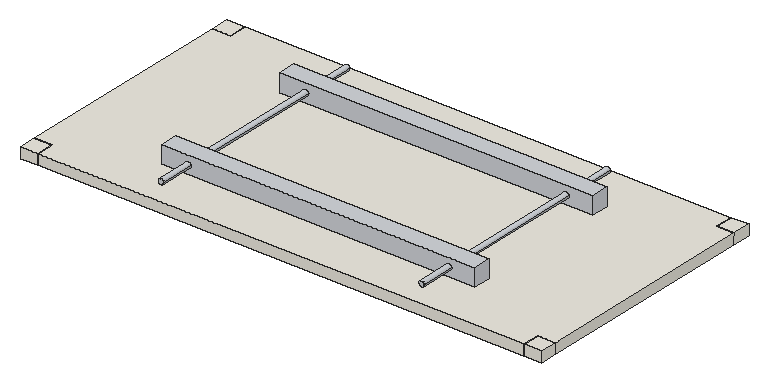
Revit family "LED-PL-CSVT", category Осветительные приборы, Revit 2019 (continued)
Types (9, lengths in mm): name | built-in parameter 1150134 | Файл фотометрической сетки | built-in parameter 1150105 | Lumens | built-in parameter 1150106 | built-in parameter 1150142 | Wattage | built-in parameter 1150107 | Emit from Rectangle Width | Emit from Rectangle Length | Длина | Ширина | L1 | L | ADSK_Ток | ADSK_Полная мощность | ADSK_Обозначение | ADSK_Номинальная мощность | ADSK_Наименование | ADSK_Масса | ADSK_Код изделия
  LED PL-CSVT-36 588х588 х10 (KROKUS) (IP54/IP20, 5000К, белый, грильято) | 2 | "Светильник LED-PL-CSVT-36-(595х595).IES" | 302.39 (stored number, unit not read) | 3800 lm | 3.0239 (stored number, unit not read) | "IESNA:LM-63-95\r\n[TEST] Протокол № 50-12 \r\n[DATA] 20.06.2016\r\n[MORE] \r\n[MANUFAC] ЗАО \"Центрстройсвет\"\r\n[LUMCAT]  Светильник ALUMOGIPS-38/OPAL-SAND-(610x610)\r\n[LUMINAIRE]\r\n[LAMPCAT] Светодиоды\r\n[LAMP] Поток источника света (светодиодов) не известен\r\n[MORE] КСС приведена в абсолютных величинах кд\r\n[MORE] Вместо потока лампы, указан поток светильника.\r\nTILT=NONE\r\n1    3750 1.0 37 73 1 2 0.61 0.61 0.04\r\n1.0 1.0 38.7\r\n0.0 5.0 10.0 15.0 20.0 25.0 30.0 35.0 40.0 45.0 50.0 55.0 60.0 65.0 70.0 75.0 80.0 85.0 90.0 95.0 100.0 105.0 110.0 115.0 120.0 125.0 130.0 135.0 140.0 145.0 150.0 155.0 160.0 165.0 170.0 175.0 180.0\r\n0.0 5.0 10.0 15.0 20.0 25.0 30.0 35.0 40.0 45.0 50.0 55.0 60.0 65.0 70.0 75.0 80.0 85.0 90.0 95.0 100.0 105.0 110.0 115.0 120.0 125.0 130.0 135.0 140.0 145.0 150.0 155.0 160.0 165.0 170.0 175.0 180.0 185.0 190.0 195.0 200.0 205.0 210.0 215.0 220.0 225.0 230.0 235.0 240.0 245.0 250.0 255.0 260.0 265.0 270.0 275.0 280.0 285.0 290.0 295.0 300.0 305.0 310.0 315.0 320.0 325.0 330.0 335.0 340.0 345.0 350.0 355.0 360.0\r\n1391.4 1390.6 1365.7 1330.6 1277.5 1214.9 1147.5 1059.6 967.6 873.2 772.4 664.9 556.3 449.1 342.7 240.6 147.1 64.2 4.7 0.0 0.0 0.0 0.0 0.0 0.0 0.0 0.0 0.0 0.0 0.0 0.0 0.0 0.0 0.0 0.0 0.0 0.0\r\n1391.4 1390.5 1367.8 1332.7 1284.3 1221.3 1147.0 1062.1 969.2 872.4 773.2 666.3 557.1 450.1 343.8 241.9 146.9 64.7 5.2 0.0 0.0 0.0 0.0 0.0 0.0 0.0 0.0 0.0 0.0 0.0 0.0 0.0 0.0 0.0 0.0 0.0 0.0\r\n1391.4 1390.2 1372.0 1333.3 1277.3 1216.8 1144.5 1057.4 969.6 875.1 773.8 669.5 560.0 454.6 345.8 242.4 148.5 65.8 5.4 0.0 0.0 0.0 0.0 0.0 0.0 0.0 0.0 0.0 0.0 0.0 0.0 0.0 0.0 0.0 0.0 0.0 0.0\r\n1391.4 1389.8 1371.2 1330.7 1279.5 1220.5 1148.3 1059.9 967.7 873.2 767.5 666.8 561.4 453.0 347.1 243.7 149.9 65.6 5.8 0.0 0.0 0.0 0.0 0.0 0.0 0.0 0.0 0.0 0.0 0.0 0.0 0.0 0.0 0.0 0.0 0.0 0.0\r\n1391.4 1389.8 1368.3 1329.3 1285.0 1214.6 1141.1 1058.7 971.8 871.3 775.2 666.9 559.4 452.6 345.8 242.5 150.0 65.8 6.1 0.0 0.0 0.0 0.0 0.0 0.0 0.0 0.0 0.0 0.0 0.0 0.0 0.0 0.0 0.0 0.0 0.0 0.0\r\n1391.4 1390.5 1367.3 1332.3 1281.7 1219.0 1142.8 1064.6 970.5 874.4 772.1 667.5 560.2 453.0 346.2 241.8 149.4 65.7 5.6 0.0 0.0 0.0 0.0 0.0 0.0 0.0 0.0 0.0 0.0 0.0 0.0 0.0 0.0 0.0 0.0 0.0 0.0\r\n1391.4 1391.4 1368.1 1333.5 1277.3 1215.7 1139.0 1059.6 968.1 872.4 771.6 667.4 558.8 453.3 344.3 243.9 148.4 65.7 5.4 0.0 0.0 0.0 0.0 0.0 0.0 0.0 0.0 0.0 0.0 0.0 0.0 0.0 0.0 0.0 0.0 0.0 0.0\r\n1391.4 1391.7 1368.1 1330.4 1278.2 1213.9 1142.4 1061.6 967.4 875.1 772.0 669.3 561.1 452.5 345.2 242.1 148.3 65.4 5.5 0.0 0.0 0.0 0.0 0.0 0.0 0.0 0.0 0.0 0.0 0.0 0.0 0.0 0.0 0.0 0.0 0.0 0.0\r\n1391.4 1391.5 1371.0 1328.4 1278.5 1216.7 1142.1 1061.2 971.8 874.7 772.1 668.9 560.8 452.9 345.4 243.3 147.7 66.0 5.4 0.0 0.0 0.0 0.0 0.0 0.0 0.0 0.0 0.0 0.0 0.0 0.0 0.0 0.0 0.0 0.0 0.0 0.0\r\n1391.4 1391.5 1373.2 1330.5 1277.3 1215.5 1143.2 1063.6 967.0 872.7 772.2 669.4 558.9 453.2 346.6 241.9 148.1 65.2 5.5 0.0 0.0 0.0 0.0 0.0 0.0 0.0 0.0 0.0 0.0 0.0 0.0 0.0 0.0 0.0 0.0 0.0 0.0\r\n1391.4 1391.4 1369.7 1328.3 1281.3 1216.0 1139.8 1057.9 968.7 875.3 773.9 667.6 561.8 454.0 344.0 243.1 147.2 65.6 5.5 0.0 0.0 0.0 0.0 0.0 0.0 0.0 0.0 0.0 0.0 0.0 0.0 0.0 0.0 0.0 0.0 0.0 0.0\r\n1391.4 1390.5 1367.9 1330.1 1278.1 1218.1 1138.9 1061.0 970.0 871.8 770.4 669.3 560.2 453.4 346.9 242.1 148.3 65.2 5.2 0.0 0.0 0.0 0.0 0.0 0.0 0.0 0.0 0.0 0.0 0.0 0.0 0.0 0.0 0.0 0.0 0.0 0.0\r\n1391.4 1389.3 1368.2 1329.1 1280.8 1214.4 1142.5 1059.2 967.2 874.3 772.4 668.0 563.1 452.3 345.7 242.8 146.8 64.9 5.1 0.0 0.0 0.0 0.0 0.0 0.0 0.0 0.0 0.0 0.0 0.0 0.0 0.0 0.0 0.0 0.0 0.0 0.0\r\n1391.4 1388.6 1367.4 1327.8 1278.0 1215.7 1141.0 1061.0 971.5 877.3 771.2 667.3 561.5 453.0 346.4 242.4 146.3 64.8 5.2 0.0 0.0 0.0 0.0 0.0 0.0 0.0 0.0 0.0 0.0 0.0 0.0 0.0 0.0 0.0 0.0 0.0 0.0\r\n1391.4 1388.0 1367.6 1326.7 1278.3 1218.0 1140.9 1061.5 968.4 873.4 770.1 666.6 562.1 454.6 344.8 241.8 146.4 64.0 5.5 0.0 0.0 0.0 0.0 0.0 0.0 0.0 0.0 0.0 0.0 0.0 0.0 0.0 0.0 0.0 0.0 0.0 0.0\r\n1391.4 1387.2 1366.1 1331.0 1281.4 1216.3 1142.7 1059.1 969.4 871.5 772.2 667.3 560.5 453.0 344.4 242.2 146.4 63.8 5.6 0.0 0.0 0.0 0.0 0.0 0.0 0.0 0.0 0.0 0.0 0.0 0.0 0.0 0.0 0.0 0.0 0.0 0.0\r\n1391.4 1387.1 1366.3 1328.7 1276.9 1214.5 1141.2 1059.3 968.4 874.3 775.5 668.3 562.5 454.9 346.4 241.3 146.2 63.5 5.7 0.0 0.0 0.0 0.0 0.0 0.0 0.0 0.0 0.0 0.0 0.0 0.0 0.0 0.0 0.0 0.0 0.0 0.0\r\n1391.4 1388.4 1366.0 1329.7 1279.2 1217.9 1140.0 1060.5 969.0 873.9 772.0 671.3 560.4 453.2 343.7 241.7 145.8 63.7 5.4 0.0 0.0 0.0 0.0 0.0 0.0 0.0 0.0 0.0 0.0 0.0 0.0 0.0 0.0 0.0 0.0 0.0 0.0\r\n1391.4 1389.6 1367.7 1329.3 1277.2 1211.1 1140.1 1061.0 971.0 871.2 769.2 669.1 561.5 453.1 343.3 241.9 145.8 63.4 5.2 0.0 0.0 0.0 0.0 0.0 0.0 0.0 0.0 0.0 0.0 0.0 0.0 0.0 0.0 0.0 0.0 0.0 0.0\r\n1391.4 1388.8 1366.9 1327.1 1279.4 1214.2 1142.5 1056.4 970.7 870.3 771.0 665.1 560.4 453.3 343.8 241.1 145.7 63.4 5.2 0.0 0.0 0.0 0.0 0.0 0.0 0.0 0.0 0.0 0.0 0.0 0.0 0.0 0.0 0.0 0.0 0.0 0.0\r\n1391.4 1387.2 1365.8 1328.9 1276.6 1210.2 1141.4 1059.3 966.6 871.4 770.5 667.4 559.2 451.4 344.2 241.0 145.6 63.2 5.1 0.0 0.0 0.0 0.0 0.0 0.0 0.0 0.0 0.0 0.0 0.0 0.0 0.0 0.0 0.0 0.0 0.0 0.0\r\n1391.4 1386.8 1364.4 1329.8 1279.4 1213.7 1144.0 1059.0 965.3 873.7 768.8 668.9 559.4 449.5 342.6 241.5 144.6 63.4 5.0 0.0 0.0 0.0 0.0 0.0 0.0 0.0 0.0 0.0 0.0 0.0 0.0 0.0 0.0 0.0 0.0 0.0 0.0\r\n1391.4 1388.1 1365.8 1328.1 1273.8 1213.4 1137.9 1059.2 967.3 869.2 769.3 667.7 558.4 451.4 344.0 240.6 145.7 63.4 4.9 0.0 0.0 0.0 0.0 0.0 0.0 0.0 0.0 0.0 0.0 0.0 0.0 0.0 0.0 0.0 0.0 0.0 0.0\r\n1391.4 1389.2 1364.4 1323.2 1276.3 1213.8 1137.6 1055.3 963.1 871.0 767.7 664.1 559.7 447.1 342.4 240.1 145.2 63.9 5.1 0.0 0.0 0.0 0.0 0.0 0.0 0.0 0.0 0.0 0.0 0.0 0.0 0.0 0.0 0.0 0.0 0.0 0.0\r\n1391.4 1388.4 1362.3 1326.8 1274.4 1212.2 1137.9 1054.7 966.7 867.9 768.7 663.4 557.3 449.2 343.3 240.0 145.7 63.6 5.0 0.0 0.0 0.0 0.0 0.0 0.0 0.0 0.0 0.0 0.0 0.0 0.0 0.0 0.0 0.0 0.0 0.0 0.0\r\n1391.4 1386.2 1361.8 1326.5 1273.3 1211.2 1134.5 1048.6 964.3 866.3 767.8 662.9 556.7 449.5 341.9 239.8 145.7 63.7 5.0 0.0 0.0 0.0 0.0 0.0 0.0 0.0 0.0 0.0 0.0 0.0 0.0 0.0 0.0 0.0 0.0 0.0 0.0\r\n1391.4 1384.4 1363.5 1324.4 1272.0 1209.5 1137.2 1053.0 960.2 867.5 767.9 662.7 556.7 449.2 342.5 239.1 146.2 63.8 4.8 0.0 0.0 0.0 0.0 0.0 0.0 0.0 0.0 0.0 0.0 0.0 0.0 0.0 0.0 0.0 0.0 0.0 0.0\r\n1391.4 1383.7 1362.4 1324.4 1274.0 1209.5 1134.4 1050.1 965.4 864.9 764.6 662.3 556.6 447.9 340.5 240.3 145.5 64.6 4.6 0.0 0.0 0.0 0.0 0.0 0.0 0.0 0.0 0.0 0.0 0.0 0.0 0.0 0.0 0.0 0.0 0.0 0.0\r\n1391.4 1384.4 1361.9 1326.9 1270.2 1207.3 1132.7 1050.1 959.7 867.7 763.1 662.2 555.0 447.3 343.0 238.3 145.8 63.9 4.7 0.0 0.0 0.0 0.0 0.0 0.0 0.0 0.0 0.0 0.0 0.0 0.0 0.0 0.0 0.0 0.0 0.0 0.0\r\n1391.4 1385.1 1363.0 1320.0 1270.4 1207.9 1134.4 1055.0 963.5 867.3 766.7 660.7 555.9 450.1 342.6 240.2 145.9 64.3 4.9 0.0 0.0 0.0 0.0 0.0 0.0 0.0 0.0 0.0 0.0 0.0 0.0 0.0 0.0 0.0 0.0 0.0 0.0\r\n1391.4 1384.9 1362.3 1321.4 1273.1 1208.0 1135.4 1052.3 961.9 865.0 764.0 660.8 553.5 447.6 341.2 240.3 146.1 63.8 4.8 0.0 0.0 0.0 0.0 0.0 0.0 0.0 0.0 0.0 0.0 0.0 0.0 0.0 0.0 0.0 0.0 0.0 0.0\r\n1391.4 1383.8 1361.2 1322.1 1265.1 1211.5 1132.8 1049.3 961.3 863.4 764.0 661.0 550.7 447.9 341.0 240.1 146.2 63.8 4.6 0.0 0.0 0.0 0.0 0.0 0.0 0.0 0.0 0.0 0.0 0.0 0.0 0.0 0.0 0.0 0.0 0.0 0.0\r\n1391.4 1382.8 1359.3 1321.5 1269.3 1206.8 1132.8 1051.1 958.3 863.2 763.1 662.7 553.4 448.0 340.4 240.0 145.8 63.8 4.0 0.0 0.0 0.0 0.0 0.0 0.0 0.0 0.0 0.0 0.0 0.0 0.0 0.0 0.0 0.0 0.0 0.0 0.0\r\n1391.4 1382.6 1359.0 1319.6 1268.1 1204.3 1129.8 1049.0 957.7 861.8 761.7 658.4 554.2 446.1 340.4 239.0 145.6 63.8 3.8 0.0 0.0 0.0 0.0 0.0 0.0 0.0 0.0 0.0 0.0 0.0 0.0 0.0 0.0 0.0 0.0 0.0 0.0\r\n1391.4 1382.8 1358.5 1315.8 1266.5 1202.1 1128.5 1049.2 957.6 860.0 762.1 658.2 549.9 443.8 339.6 238.4 145.7 63.6 3.7 0.0 0.0 0.0 0.0 0.0 0.0 0.0 0.0 0.0 0.0 0.0 0.0 0.0 0.0 0.0 0.0 0.0 0.0\r\n1391.4 1382.2 1360.5 1319.2 1265.9 1204.5 1129.9 1046.9 955.0 862.9 758.9 657.9 552.5 444.9 338.9 238.8 145.3 63.6 3.3 0.0 0.0 0.0 0.0 0.0 0.0 0.0 0.0 0.0 0.0 0.0 0.0 0.0 0.0 0.0 0.0 0.0 0.0\r\n1391.4 1381.1 1361.2 1321.0 1268.1 1203.8 1128.8 1047.4 955.6 863.7 761.1 656.4 551.5 445.2 339.2 238.5 144.7 62.5 3.5 0.0 0.0 0.0 0.0 0.0 0.0 0.0 0.0 0.0 0.0 0.0 0.0 0.0 0.0 0.0 0.0 0.0 0.0\r\n1391.4 1380.6 1359.0 1316.4 1268.5 1204.0 1126.1 1049.5 956.2 859.6 759.7 656.5 549.2 444.3 338.4 236.1 143.8 61.6 3.2 0.0 0.0 0.0 0.0 0.0 0.0 0.0 0.0 0.0 0.0 0.0 0.0 0.0 0.0 0.0 0.0 0.0 0.0\r\n1391.4 1380.7 1356.6 1316.0 1267.0 1205.6 1130.3 1044.8 956.9 856.7 759.3 653.5 548.1 441.9 335.3 235.4 141.4 60.3 2.9 0.0 0.0 0.0 0.0 0.0 0.0 0.0 0.0 0.0 0.0 0.0 0.0 0.0 0.0 0.0 0.0 0.0 0.0\r\n1391.4 1380.4 1354.4 1317.9 1268.8 1199.0 1129.0 1044.0 956.9 860.6 758.3 656.9 549.1 442.0 334.4 236.1 141.7 60.5 2.6 0.0 0.0 0.0 0.0 0.0 0.0 0.0 0.0 0.0 0.0 0.0 0.0 0.0 0.0 0.0 0.0 0.0 0.0\r\n1391.4 1380.1 1356.7 1322.1 1264.6 1201.7 1129.9 1047.4 957.2 859.7 758.2 656.1 549.4 442.8 335.3 235.8 141.3 60.6 2.3 0.0 0.0 0.0 0.0 0.0 0.0 0.0 0.0 0.0 0.0 0.0 0.0 0.0 0.0 0.0 0.0 0.0 0.0\r\n1391.4 1379.9 1357.3 1317.5 1265.9 1207.8 1129.2 1046.5 955.7 860.2 758.6 656.9 550.7 441.9 335.4 233.9 140.6 60.2 2.4 0.0 0.0 0.0 0.0 0.0 0.0 0.0 0.0 0.0 0.0 0.0 0.0 0.0 0.0 0.0 0.0 0.0 0.0\r\n1391.4 1379.2 1355.5 1314.6 1269.3 1203.7 1133.5 1044.8 957.2 857.9 762.0 656.6 548.7 440.4 335.9 234.5 140.4 59.8 2.8 0.0 0.0 0.0 0.0 0.0 0.0 0.0 0.0 0.0 0.0 0.0 0.0 0.0 0.0 0.0 0.0 0.0 0.0\r\n1391.4 1377.9 1357.1 1319.2 1271.9 1204.4 1128.6 1050.2 953.1 856.9 757.6 653.7 548.9 439.9 335.4 232.4 140.5 59.2 3.0 0.0 0.0 0.0 0.0 0.0 0.0 0.0 0.0 0.0 0.0 0.0 0.0 0.0 0.0 0.0 0.0 0.0 0.0\r\n1391.4 1377.2 1356.3 1322.9 1266.0 1204.8 1132.2 1049.0 958.1 859.3 759.0 654.6 547.0 441.6 334.9 232.1 139.3 58.8 2.9 0.0 0.0 0.0 0.0 0.0 0.0 0.0 0.0 0.0 0.0 0.0 0.0 0.0 0.0 0.0 0.0 0.0 0.0\r\n1391.4 1377.8 1353.8 1319.7 1269.6 1207.9 1135.8 1049.5 955.8 858.0 762.4 655.9 548.2 441.6 335.6 231.7 139.4 58.8 2.8 0.0 0.0 0.0 0.0 0.0 0.0 0.0 0.0 0.0 0.0 0.0 0.0 0.0 0.0 0.0 0.0 0.0 0.0\r\n1391.4 1378.5 1355.2 1319.8 1267.3 1206.5 1131.2 1046.1 954.6 861.2 756.6 653.8 548.1 440.3 335.0 232.6 138.6 59.0 2.9 0.0 0.0 0.0 0.0 0.0 0.0 0.0 0.0 0.0 0.0 0.0 0.0 0.0 0.0 0.0 0.0 0.0 0.0\r\n1391.4 1378.6 1355.1 1318.3 1269.7 1200.8 1133.1 1049.0 957.6 862.5 762.4 656.9 549.3 443.5 334.7 231.2 138.8 58.1 3.0 0.0 0.0 0.0 0.0 0.0 0.0 0.0 0.0 0.0 0.0 0.0 0.0 0.0 0.0 0.0 0.0 0.0 0.0\r\n1391.4 1378.8 1355.8 1321.7 1268.8 1210.0 1129.0 1048.5 958.8 862.4 762.2 656.4 549.0 441.1 335.4 231.5 138.5 58.1 3.0 0.0 0.0 0.0 0.0 0.0 0.0 0.0 0.0 0.0 0.0 0.0 0.0 0.0 0.0 0.0 0.0 0.0 0.0\r\n1391.4 1379.6 1357.6 1321.7 1269.0 1207.1 1133.9 1047.0 964.1 863.3 761.9 656.4 551.5 440.7 334.9 232.2 137.6 58.1 2.8 0.0 0.0 0.0 0.0 0.0 0.0 0.0 0.0 0.0 0.0 0.0 0.0 0.0 0.0 0.0 0.0 0.0 0.0\r\n1391.4 1380.6 1357.7 1319.2 1272.0 1207.5 1131.3 1054.6 959.0 863.3 764.8 655.9 549.1 443.0 335.1 231.3 138.0 58.1 2.7 0.0 0.0 0.0 0.0 0.0 0.0 0.0 0.0 0.0 0.0 0.0 0.0 0.0 0.0 0.0 0.0 0.0 0.0\r\n1391.4 1381.5 1358.5 1321.9 1271.0 1204.1 1135.9 1055.8 962.5 865.5 761.1 656.9 550.6 442.0 335.3 231.9 137.4 57.9 2.6 0.0 0.0 0.0 0.0 0.0 0.0 0.0 0.0 0.0 0.0 0.0 0.0 0.0 0.0 0.0 0.0 0.0 0.0\r\n1391.4 1381.3 1358.5 1322.3 1270.8 1207.2 1133.7 1051.9 958.0 867.3 767.5 657.0 552.1 442.3 333.6 231.2 137.9 57.8 2.6 0.0 0.0 0.0 0.0 0.0 0.0 0.0 0.0 0.0 0.0 0.0 0.0 0.0 0.0 0.0 0.0 0.0 0.0\r\n1391.4 1380.6 1359.4 1319.7 1270.6 1209.0 1133.0 1052.1 963.9 867.5 764.1 660.0 554.0 443.3 334.8 231.7 137.6 57.8 2.7 0.0 0.0 0.0 0.0 0.0 0.0 0.0 0.0 0.0 0.0 0.0 0.0 0.0 0.0 0.0 0.0 0.0 0.0\r\n1391.4 1381.3 1359.9 1321.3 1270.6 1204.8 1135.0 1051.3 962.1 865.5 761.7 660.3 553.1 443.5 334.1 231.9 137.9 57.8 2.8 0.0 0.0 0.0 0.0 0.0 0.0 0.0 0.0 0.0 0.0 0.0 0.0 0.0 0.0 0.0 0.0 0.0 0.0\r\n1391.4 1383.1 1362.1 1324.8 1273.8 1208.7 1134.8 1055.9 961.8 866.4 762.3 659.7 552.4 443.7 334.4 232.8 138.0 58.0 2.8 0.0 0.0 0.0 0.0 0.0 0.0 0.0 0.0 0.0 0.0 0.0 0.0 0.0 0.0 0.0 0.0 0.0 0.0\r\n1391.4 1384.6 1360.4 1321.7 1272.0 1210.6 1130.9 1052.5 963.1 866.7 767.4 659.3 553.7 444.6 335.4 233.1 138.3 58.0 2.8 0.0 0.0 0.0 0.0 0.0 0.0 0.0 0.0 0.0 0.0 0.0 0.0 0.0 0.0 0.0 0.0 0.0 0.0\r\n1391.4 1385.6 1357.5 1324.7 1273.9 1211.6 1134.3 1052.7 963.6 865.4 763.1 658.7 552.2 444.9 336.9 232.8 138.8 58.6 2.9 0.0 0.0 0.0 0.0 0.0 0.0 0.0 0.0 0.0 0.0 0.0 0.0 0.0 0.0 0.0 0.0 0.0 0.0\r\n1391.4 1386.4 1357.8 1323.4 1273.2 1212.2 1136.3 1054.7 967.5 867.5 764.0 659.4 553.3 443.7 336.8 233.2 138.9 58.5 3.1 0.0 0.0 0.0 0.0 0.0 0.0 0.0 0.0 0.0 0.0 0.0 0.0 0.0 0.0 0.0 0.0 0.0 0.0\r\n1391.4 1386.6 1362.0 1324.9 1273.2 1211.3 1139.0 1049.9 960.3 866.4 768.0 661.3 552.2 443.4 336.3 233.4 139.8 58.9 3.1 0.0 0.0 0.0 0.0 0.0 0.0 0.0 0.0 0.0 0.0 0.0 0.0 0.0 0.0 0.0 0.0 0.0 0.0\r\n1391.4 1386.0 1360.5 1326.0 1271.8 1212.0 1137.2 1059.3 963.5 867.6 766.9 661.2 552.3 445.8 337.8 233.6 141.0 59.2 3.3 0.0 0.0 0.0 0.0 0.0 0.0 0.0 0.0 0.0 0.0 0.0 0.0 0.0 0.0 0.0 0.0 0.0 0.0\r\n1391.4 1385.0 1362.3 1325.1 1272.0 1207.1 1138.5 1053.6 964.5 865.8 766.5 661.6 554.3 445.9 337.0 234.5 140.4 60.2 3.5 0.0 0.0 0.0 0.0 0.0 0.0 0.0 0.0 0.0 0.0 0.0 0.0 0.0 0.0 0.0 0.0 0.0 0.0\r\n1391.4 1384.4 1361.8 1323.6 1274.0 1214.8 1138.9 1053.9 968.0 867.9 769.0 663.8 555.6 446.7 339.6 235.0 141.3 60.4 3.4 0.0 0.0 0.0 0.0 0.0 0.0 0.0 0.0 0.0 0.0 0.0 0.0 0.0 0.0 0.0 0.0 0.0 0.0\r\n1391.4 1385.0 1360.9 1322.2 1272.4 1209.8 1137.2 1055.7 962.7 869.7 769.6 658.2 556.6 447.4 338.5 236.2 142.5 60.7 3.4 0.0 0.0 0.0 0.0 0.0 0.0 0.0 0.0 0.0 0.0 0.0 0.0 0.0 0.0 0.0 0.0 0.0 0.0\r\n1391.4 1386.6 1363.1 1323.6 1272.5 1211.5 1139.2 1058.4 969.9 868.0 768.8 664.6 556.3 445.8 342.1 236.1 142.3 61.2 3.5 0.0 0.0 0.0 0.0 0.0 0.0 0.0 0.0 0.0 0.0 0.0 0.0 0.0 0.0 0.0 0.0 0.0 0.0\r\n1391.4 1388.6 1360.9 1330.2 1273.7 1213.2 1138.7 1058.3 966.2 867.0 766.8 663.4 553.3 447.1 339.2 238.7 143.0 61.4 3.8 0.0 0.0 0.0 0.0 0.0 0.0 0.0 0.0 0.0 0.0 0.0 0.0 0.0 0.0 0.0 0.0 0.0 0.0\r\n1391.4 1389.8 1360.8 1328.4 1276.8 1216.0 1140.1 1055.8 963.1 870.3 768.4 663.1 554.0 449.1 340.1 237.3 144.8 61.7 3.8 0.0 0.0 0.0 0.0 0.0 0.0 0.0 0.0 0.0 0.0 0.0 0.0 0.0 0.0 0.0 0.0 0.0 0.0\r\n1391.4 1389.3 1362.5 1325.9 1278.0 1210.4 1138.2 1054.7 967.8 872.7 770.2 661.9 556.5 446.9 341.3 237.7 144.4 62.5 3.9 0.0 0.0 0.0 0.0 0.0 0.0 0.0 0.0 0.0 0.0 0.0 0.0 0.0 0.0 0.0 0.0 0.0 0.0\r\n1391.4 1387.8 1365.8 1326.6 1274.3 1213.2 1141.4 1053.1 966.2 871.2 768.4 663.7 555.0 447.1 341.3 238.2 144.3 62.7 4.1 0.0 0.0 0.0 0.0 0.0 0.0 0.0 0.0 0.0 0.0 0.0 0.0 0.0 0.0 0.0 0.0 0.0 0.0\r\n1391.4 1387.2 1364.2 1328.3 1274.8 1209.4 1145.0 1060.0 963.9 867.5 766.5 663.4 556.7 448.2 340.9 240.3 144.7 63.3 4.0 0.0 0.0 0.0 0.0 0.0 0.0 0.0 0.0 0.0 0.0 0.0 0.0 0.0 0.0 0.0 0.0 0.0 0.0\r\n1391.4 1388.4 1364.9 1332.6 1279.0 1215.6 1140.9 1056.3 969.3 867.1 770.0 663.8 559.0 449.0 342.4 240.3 145.7 63.3 4.7 0.0 0.0 0.0 0.0 0.0 0.0 0.0 0.0 0.0 0.0 0.0 0.0 0.0 0.0 0.0 0.0 0.0 0.0\r\n1391.4 1390.0 1364.5 1329.3 1281.4 1217.7 1141.3 1063.3 970.3 871.1 768.8 663.5 555.2 449.3 342.4 239.8 146.6 63.3 4.9 0.0 0.0 0.0 0.0 0.0 0.0 0.0 0.0 0.0 0.0 0.0 0.0 0.0 0.0 0.0 0.0 0.0 0.0\r\n1391.4 1390.6 1365.7 1330.6 1277.5 1214.9 1147.5 1059.6 967.6 873.2 772.4 664.9 556.3 449.1 342.7 240.6 147.1 64.2 4.7 0.0 0.0 0.0 0.0 0.0 0.0 0.0 0.0 0.0 0.0 0.0 0.0 0.0 0.0 0.0 0.0 0.0 0.0\r\n" | 25.582 W | 5000 (stored number, unit not read) | 548 | 548 | 588 | 588 | 294 | 294 | 0.179584 A | 41.3043 VA | "LED PL-CSVT-36 588х588 х10 (KROKUS) (IP54/IP20, 5000К, белый, грильято)" | 38 W | "Ультратонкая светодиодная панель LED PL-CSVT-36 588х588 х10 (
    KROKUS) (IP54/IP20, 5000К, белый, грильято)" | 3.4 | "ЦБ000009945"
